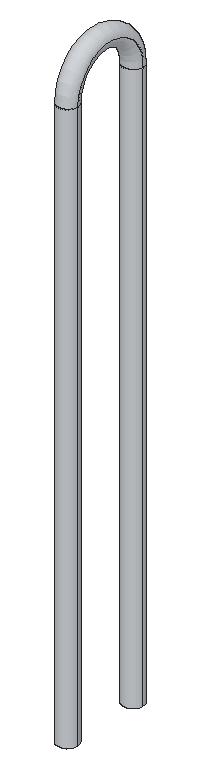
Revit family "BALUSTRADE - U", category Balusters, Revit 2025
Family settings
  OmniClass Number = 23.30.80.11.11.14
  OmniClass Title = Posts, Newel Posts, Pickets
  Always vertical = Yes
  Cut with Voids When Loaded = No
  Shared = No
Parameters
  built-in parameter 1008623 [instance] = (empty or 0)
  built-in parameter 1008625 [instance] = (empty or 0)
  Post = no
  built-in parameter 1008624 [instance] = (empty or 0)
  built-in parameter 1008622 [instance] = 750 mm
  BW = 100 mm
  B MATERIAL = none
  B DIA = 25 mm
Reference planes
  plane 1 "Center (Front/Back)": y = 0
  plane 2: z = 0
  plane 3 "Center (Left/Right)": x = 0
  plane 4 "Top": z = 750
  plane 5 "Top of Post": z = 900
  plane 6: y = 50
  plane 7: y = -50
Forms (mm)
  Sweep 1, solid, material <- "B MATERIAL"
    path origin (0, 0, 0) x (0, 1, 0) y (0, 0, 1)
      loop
        line (-50, 0) -> (-50, 700)
        arc (-50, 700) -> (0, 750) -> (50, 700) r 50
        line (50, 700) -> (50, 0)
    profile origin (0, 50, 350) x (1, 0, 0) y (0, 1, 0)
      loop
        circle (0, 0) r 12.5
Text (mm)
  text "Baluster Post Elevation" at (0, 80.706, 1082.954), in view "Left"
Dimensions and locks
  "built-in parameter 1008622": plane 2 to plane 4 "Top"
  equal spacing: plane 6, plane 1 "Center (Front/Back)", plane 7
  "BW": plane 6 to plane 7
  "built-in parameter 1008622": Sweep 1 sketch curve to level
  "B DIA": diameter of Sweep 1 sketch curve
  aligned and locked: plane 2 to level
  aligned and locked: plane 6 to Sweep 1 sketch curve
  aligned and locked: Sweep 1 sketch curve to plane 7
  aligned and locked: level to Sweep 1 sketch curve  (x2)
Automatic sketch dimensions
  Sweep 1 sketch curve to plane 3 "Center (Left/Right)" = 0 mm
  profile plane to Sweep 1 sketch curve = 0 mm
